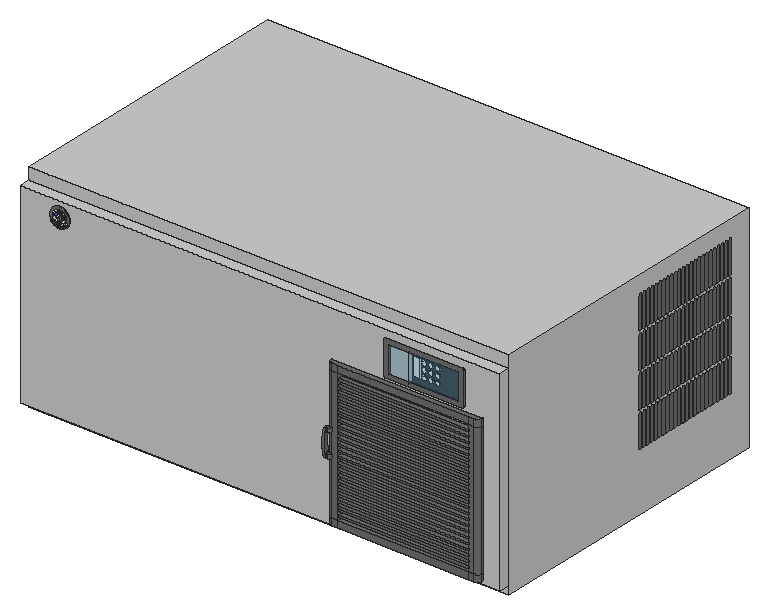
Revit family "QF_HOSHIZAKI_IM-240DPE_251030082052", category Specialty Equipment, Revit 2021 (continued)
Definition of nested family "QF_HOSHIZAKI_IM-240DPE_2920"
  Forms (mm)
    Extrusion 35, solid
      sketch origin (693, -249.137, 131.492) x (1, 0, 0) y (0, 1, 0)
        loop
          line (329.5, -463.156) -> (329.5, -450.863) -> (33.5, -450.863)
      from 0 to 5
    Extrusion 36, solid
      sketch origin (693, -249.137, 119.492) x (1, 0, 0) y (0, 1, 0)
        loop
          line (33.5, -450.863) -> (33.5, -463.156)
          arc (33.5, -463.156) -> (181.5, -470.863) -> (329.5, -463.156) r 1424.956
          line (329.5, -463.156) -> (329.5, -450.863) -> (33.5, -450.863)
      from 0 to 5
    Extrusion 37, solid
      sketch origin (693, -249.137, 107.492) x (1, 0, 0) y (0, 1, 0)
        loop
          line (33.5, -450.863) -> (33.5, -463.156)
          arc (33.5, -463.156) -> (181.5, -470.863) -> (329.5, -463.156) r 1424.956
          line (329.5, -463.156) -> (329.5, -450.863) -> (33.5, -450.863)
      from 0 to 5
    Extrusion 38, solid
      sketch origin (693, -249.137, 95.492) x (1, 0, 0) y (0, 1, 0)
        loop
          line (33.5, -450.863) -> (33.5, -463.156)
          arc (33.5, -463.156) -> (181.5, -470.863) -> (329.5, -463.156) r 1424.956
          line (329.5, -463.156) -> (329.5, -450.863) -> (33.5, -450.863)
      from 0 to 5
    Extrusion 39, solid
      sketch origin (693, -249.137, 83.492) x (1, 0, 0) y (0, 1, 0)
        loop
          line (33.5, -450.863) -> (33.5, -463.156)
          arc (33.5, -463.156) -> (181.5, -470.863) -> (329.5, -463.156) r 1424.956
          line (329.5, -463.156) -> (329.5, -450.863) -> (33.5, -450.863)
      from 0 to 5
    Extrusion 40, solid
      sketch origin (693, -249.137, 71.492) x (1, 0, 0) y (0, 1, 0)
        loop
          line (33.5, -450.863) -> (33.5, -463.156)
          arc (33.5, -463.156) -> (181.5, -470.863) -> (329.5, -463.156) r 1424.956
          line (329.5, -463.156) -> (329.5, -450.863) -> (33.5, -450.863)
      from 0 to 5
    Extrusion 41, solid
      sketch origin (693, -249.137, 59.492) x (1, 0, 0) y (0, 1, 0)
        loop
          line (33.5, -450.863) -> (33.5, -463.156)
          arc (33.5, -463.156) -> (181.5, -470.863) -> (329.5, -463.156) r 1424.956
          line (329.5, -463.156) -> (329.5, -450.863) -> (33.5, -450.863)
      from 0 to 5
    Extrusion 42, solid
      sketch origin (693, -249.137, 47.492) x (1, 0, 0) y (0, 1, 0)
        loop
          line (33.5, -450.863) -> (33.5, -463.156)
          arc (33.5, -463.156) -> (181.5, -470.863) -> (329.5, -463.156) r 1424.956
          line (329.5, -463.156) -> (329.5, -450.863) -> (33.5, -450.863)
      from 0 to 5
  Cuts and joins
    Extrusion 4 cuts Extrusion 17
  Lines and regions (mm)
    symbolic lines
      curve 1: line (0, 0, 0) -> (1083.5, 0, 0)
      curve 2: line (0, -700, 0) -> (0, 0, 0)
      curve 3: line (1083.5, 0, 0) -> (1083.5, -700, 0)
      curve 4: line (0, -700, 0) -> (1083.5, -700, 0)
  Dimensions and locks
    plane 3 "Left" to plane 4 "Right" = 1083.5 mm
    plane 5 "Front" to plane 1 "Back" = 700 mm
    plane 4 "Right" to plane 3 "Left" = 1083.5 mm
    plane 6 "Top" to level = 484.5 mm  (x2)
    plane 1 "Back" to plane 5 "Front" = 700 mm
    aligned and locked: level to plane 2
Definition of nested family "CONN_POINT_COLDWATER_2D___Generic_Annotation"
  Parameters (values of type "CONN_POINT_COLDWATER_2D___Generic_Annotation")
    Onboard connection annotation symbol visibility [instance] = yes
  Reference planes
    plane 1: y = 0
    plane 2: x = 0
  Lines and regions (mm)
    detail lines, visible <- "Onboard connection annotation symbol visibility"
      curve 1: circle (0, 0, 0) r 0.5 normal (0, 0, 1)
      curve 2: line (-1, 0, 0) -> (1, 0, 0)
      curve 3: line (0, 1, 0) -> (0, -1, 0)
      curve 4: line (3.241, 1, 0) -> (3.717, -1, 0)
      curve 5: line (3.717, -1, 0) -> (4.193, 1, 0)
      curve 6: line (4.193, 1, 0) -> (4.669, -1, 0)
      curve 7: line (4.669, -1, 0) -> (5.145, 1, 0)
      curve 8: arc (2.67, 0.524, 0) -> (2.004, 1, 0) -> (1.337, 0.524, 0) r 0.704
      curve 9: arc (1.337, -0.524, 0) -> (2.004, -1, 0) -> (2.67, -0.524, 0) r 0.704
      curve 10: arc (1.337, 0.524, 0) -> (1.25, 0, 0) -> (1.337, -0.524, 0) r 1.616
Definition of nested family "CONN_POINT_DRAIN_2D___Generic_Annotation"
  Parameters (values of type "CONN_POINT_DRAIN_2D___Generic_Annotation")
    Onboard connection annotation symbol visibility [instance] = yes
  Reference planes
    plane 1: y = 0
    plane 2: x = 0
  Lines and regions (mm)
    detail lines, visible <- "Onboard connection annotation symbol visibility"
      curve 1: circle (0, 0, 0) r 0.5 normal (0, 0, 1)
      curve 2: line (-1, 0, 0) -> (1, 0, 0)
      curve 3: line (0, 1, 0) -> (0, -1, 0)
      curve 4: line (1.776, 1, 0) -> (1.25, 1, 0)
      curve 5: line (1.25, 1, 0) -> (1.25, -1, 0)
      curve 6: line (1.25, -1, 0) -> (1.776, -1, 0)
      curve 7: arc (2.206, -0.862, 0) -> (2.459, -0.589, 0) -> (2.583, -0.238, 0) r 0.918
      curve 8: arc (2.583, 0.238, 0) -> (2.459, 0.589, 0) -> (2.206, 0.862, 0) r 0.918
      curve 9: arc (2.583, -0.238, 0) -> (2.599, 0, 0) -> (2.583, 0.238, 0) r 1.77
      curve 10: arc (2.206, 0.862, 0) -> (2.002, 0.965, 0) -> (1.776, 1, 0) r 0.741
      curve 11: arc (1.776, -1, 0) -> (2.002, -0.965, 0) -> (2.206, -0.862, 0) r 0.741
Definition of nested family "CONN_POINT_ELE_2D___Generic_Annotation"
  Parameters (values of type "CONN_POINT_ELE_2D___Generic_Annotation")
    Onboard connection annotation symbol visibility [instance] = yes
  Reference planes
    plane 1: y = 0
    plane 2: x = 0
  Lines and regions (mm)
    detail lines, visible <- "Onboard connection annotation symbol visibility"
      curve 1: circle (0, 0, 0) r 0.5 normal (0, 0, 1)
      curve 2: line (-1, 0, 0) -> (1, 0, 0)
      curve 3: line (0, 1, 0) -> (0, -1, 0)
      curve 4: line (2.5, 1, 0) -> (1.25, 1, 0)
      curve 5: line (1.25, 1, 0) -> (1.25, -1, 0)
      curve 6: line (1.25, -1, 0) -> (2.5, -1, 0)
      curve 7: line (1.25, 0, 0) -> (2, 0, 0)
